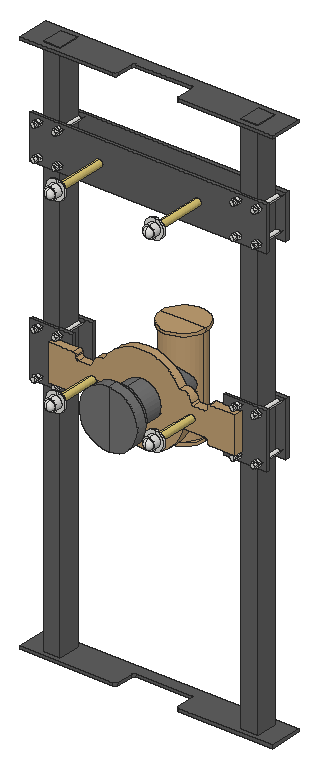
Revit family "0925Y", category Mechanical Equipment, Revit 2018
Family settings
  Round Connector Dimension = Use Diameter
  Classification = None
  Part Type = Normal
  OmniClass Number = 23.45.05.21
  OmniClass Title = Plumbing Fixtures - Sanitary Disposal Units
  Work Plane-Based = Yes
  Always vertical = No
  Cut with Voids When Loaded = No
  Shared = Yes
  Room Calculation Point = No
Parameters (values of type "0925Y")
  Vent Connection Size = Vent Connection Radius * 2  # 4"
  Vent Connection Radius = 2"
  URL = "https://www.jrsmith.com"
  Stud Height = 40"
  Product Page URL = "https://www.jrsmith.com/labor-saver-upright-0925"
  Product Documentation Link = "https://www.jrsmith.com/uploads/fileLibrary/d0925y.pdf"
  Price = "Prices may vary. Please consult Manufacturer Representative for most up-to-date price list."  # constant formula
  Outlet Connection Size = Outlet Connection Radius * 2  # 4"
  Outlet Connection Radius = 2"
  No-Hub Waste Fitting Size = [No-Hub Waste Fitting Radius] * 2  # 4"
  No-Hub Waste Fitting Radius = 2"
  Model = "0925Y"
  Material = "Metal-Jay R. Smith-Cast Iron"
  Manufacturer = "Jay R. Smith"
  Fitting Height = 22 45/64"
  Description = "LABOR SAVER® HEAVY DUTY FIXTURE SUPPORT FLOOR MOUNTED"
  Default Elevation = 0"
  Creation Date = "4/21/23"  # constant formula
  C Dimensions (3" Min to 4-1/2" Max) = 3"
  Base Depth from Finished Floor = 2"
Reference planes (in)
  plane 1 "Center (Front/Back)": y = 0
  plane 2: z = 0
  plane 3 "Center (Left/Right)": x = 0
  plane 4: z = 22.70312
  plane 5: z = 40
  plane 6: z = 48
  plane 7: y = 48
  plane 8: z = -2
  plane 9: y = 3
  plane 10: x = -9.75
  plane 11: x = 9.75
  plane 12: y = 4.00041
  plane 13: y = -2.0645
  plane 14: x = -4.5
  plane 15: x = 4.5
Forms (in)
  Extrusion 1, solid, material "Metal-Jay R. Smith-Cast Iron"
    sketch origin (0, -1.56488, 0) x (1, 0, 0) y (0, 0, 1)
      loop
        line (-9.75, 48) -> (-9.75, -2) -> (-8.25, -2) -> (-8.25, 48) -> (-9.75, 48)
      loop
        line (9.75, -2) -> (9.75, 48) -> (8.25, 48) -> (8.25, -2) -> (9.75, -2)
    from -6.56488 to -4.56488
  Extrusion 2, solid, material "Metal-Jay R. Smith-Cast Iron"
    sketch origin (0, 17.99329, -2) x (1, 0, 0) y (0, 1, 0)
      loop
        line (-11.5, -12.49329) -> (-11.5, -15.49329) -> (-3, -15.49329)
        arc (-3, -15.49329) -> (-2.82322, -15.42007) -> (-2.75, -15.24329) r 0.25
        line (-2.75, -15.24329) -> (-2.75, -13.74329)
        arc (-2.75, -13.74329) -> (-2.67678, -13.56651) -> (-2.5, -13.49329) r 0.25
        line (-2.5, -13.49329) -> (2.5, -13.49329)
        arc (2.5, -13.49329) -> (2.67678, -13.56651) -> (2.75, -13.74329) r 0.25
        line (2.75, -13.74329) -> (2.75, -15.24329)
        arc (2.75, -15.24329) -> (2.82322, -15.42007) -> (3, -15.49329) r 0.25
        line (3, -15.49329) -> (11.5, -15.49329) -> (11.5, -12.49329) -> (-11.5, -12.49329)
    from 0 to 0.25
  Extrusion 3, solid, material "Metal-Jay R. Smith-Cast Iron"
    sketch origin (0, 17.99329, 47.75) x (1, 0, 0) y (0, 1, 0)
      loop
        line (-11.5, -12.49329) -> (-11.5, -15.49329) -> (-3, -15.49329)
        arc (-3, -15.49329) -> (-2.82322, -15.42007) -> (-2.75, -15.24329) r 0.25
        line (-2.75, -15.24329) -> (-2.75, -13.74329)
        arc (-2.75, -13.74329) -> (-2.67678, -13.56651) -> (-2.5, -13.49329) r 0.25
        line (-2.5, -13.49329) -> (2.5, -13.49329)
        arc (2.5, -13.49329) -> (2.67678, -13.56651) -> (2.75, -13.74329) r 0.25
        line (2.75, -13.74329) -> (2.75, -15.24329)
        arc (2.75, -15.24329) -> (2.82322, -15.42007) -> (3, -15.49329) r 0.25
        line (3, -15.49329) -> (11.5, -15.49329) -> (11.5, -12.49329) -> (-11.5, -12.49329)
    from 0 to 0.25
  Extrusion 4, solid, material "Metal-Jay R. Smith-Cast Iron", not visible
    sketch origin (0, 0, -6.54248) x (1, 0, 0) y (0, 1, 0)
      loop
        line (-9.75, 48) -> (-9.75, -2) -> (-8.25, -2) -> (-8.25, 48) -> (-9.75, 48)
      loop
        line (9.75, -2) -> (9.75, 48) -> (8.25, 48) -> (8.25, -2) -> (9.75, -2)
    from -6.56488 to -4.56488
  Extrusion 5, solid, material "Metal-Jay R. Smith-Cast Iron", not visible
    sketch origin (0, -2, -26.10065) x (1, 0, 0) y (0, 0, -1)
      loop
        line (-11.5, -12.49329) -> (-11.5, -15.49329) -> (-3, -15.49329)
        arc (-3, -15.49329) -> (-2.82322, -15.42007) -> (-2.75, -15.24329) r 0.25
        line (-2.75, -15.24329) -> (-2.75, -13.74329)
        arc (-2.75, -13.74329) -> (-2.67678, -13.56651) -> (-2.5, -13.49329) r 0.25
        line (-2.5, -13.49329) -> (2.5, -13.49329)
        arc (2.5, -13.49329) -> (2.67678, -13.56651) -> (2.75, -13.74329) r 0.25
        line (2.75, -13.74329) -> (2.75, -15.24329)
        arc (2.75, -15.24329) -> (2.82322, -15.42007) -> (3, -15.49329) r 0.25
        line (3, -15.49329) -> (11.5, -15.49329) -> (11.5, -12.49329) -> (-11.5, -12.49329)
    from 0 to 0.25
  Extrusion 6, solid, material "Metal-Jay R. Smith-Cast Iron", not visible
    sketch origin (0, 47.75, -26.10065) x (1, 0, 0) y (0, 0, -1)
      loop
        line (-11.5, -12.49329) -> (-11.5, -15.49329) -> (-3, -15.49329)
        arc (-3, -15.49329) -> (-2.82322, -15.42007) -> (-2.75, -15.24329) r 0.25
        line (-2.75, -15.24329) -> (-2.75, -13.74329)
        arc (-2.75, -13.74329) -> (-2.67678, -13.56651) -> (-2.5, -13.49329) r 0.25
        line (-2.5, -13.49329) -> (2.5, -13.49329)
        arc (2.5, -13.49329) -> (2.67678, -13.56651) -> (2.75, -13.74329) r 0.25
        line (2.75, -13.74329) -> (2.75, -15.24329)
        arc (2.75, -15.24329) -> (2.82322, -15.42007) -> (3, -15.49329) r 0.25
        line (3, -15.49329) -> (11.5, -15.49329) -> (11.5, -12.49329) -> (-11.5, -12.49329)
    from 0 to 0.25
  Revolve 7, solid, material "Synthetic_Rubber-Jay R. Smith-Neoprene"
    sketch origin (0, 0, 0) x (0, 1, 0) y (0, 0, 1)
      loop
        line (6.74959, 22.70312) -> (-1.79408, 22.70312) -> (-1.79408, 20.06188) -> (-0.8771, 20.06188) -> (-0.8771, 20.43562) -> (-0.3143, 20.43562) -> (-0.3143, 20.99843) -> (6.74959, 20.99843) -> (6.74959, 22.70312)
      axis (6.74959, 22.70312) -> (-1.79408, 22.70312)
    angle from 0 to 360
  Revolve 8, solid, material "Metal-Jay R. Smith-Steel"
    sketch origin (-4.5, -0.56447, 10.25564) x (0, 0, 1) y (0, -1, 0)
      loop
        line (29.74436, -3.31447) -> (29.74436, 2.65657)
        arc (29.74436, 2.65657) -> (29.45715, 2.53761) -> (29.33819, 2.2504) r 0.40617
        line (29.33819, 2.2504) -> (29.20701, 2.2504) -> (29.20701, 1.6251) -> (28.86888, 1.6251) -> (28.86888, 1.50003) -> (29.43169, 1.50003) -> (29.43169, -3.31447) -> (29.74436, -3.31447)
      axis (29.74436, 2.65657) -> (29.74436, -3.31447)
    angle from 0 to 360
  Revolve 9, solid, material "Metal-Jay R. Smith-Steel"
    sketch origin (4.5, -0.56447, 10.25564) x (0, 0, 1) y (0, -1, 0)
      loop
        line (29.74436, -3.31447) -> (29.74436, 2.65657)
        arc (29.74436, 2.65657) -> (29.45715, 2.53761) -> (29.33819, 2.2504) r 0.40617
        line (29.33819, 2.2504) -> (29.20701, 2.2504) -> (29.20701, 1.6251) -> (28.86888, 1.6251) -> (28.86888, 1.50003) -> (29.43169, 1.50003) -> (29.43169, -3.31447) -> (29.74436, -3.31447)
      axis (29.74436, 2.65657) -> (29.74436, -3.31447)
    angle from 0 to 360
  Revolve 10, solid, material "Metal-Jay R. Smith-Steel"
    sketch origin (-4.5, -0.56447, -7.04123) x (0, 0, 1) y (0, -1, 0)
      loop
        line (29.74436, -4.31488) -> (29.74436, 2.65657)
        arc (29.74436, 2.65657) -> (29.45715, 2.53761) -> (29.33819, 2.2504) r 0.40617
        line (29.33819, 2.2504) -> (29.20701, 2.2504) -> (29.20701, 1.6251) -> (28.86888, 1.6251) -> (28.86888, 1.50003) -> (29.43169, 1.50003) -> (29.43169, -4.31488) -> (29.74436, -4.31488)
      axis (29.74436, 2.65657) -> (29.74436, -4.31488)
    angle from 0 to 360
  Revolve 11, solid, material "Metal-Jay R. Smith-Steel"
    sketch origin (4.5, -0.56447, -7.04123) x (0, 0, 1) y (0, -1, 0)
      loop
        line (29.74436, -4.31488) -> (29.74436, 2.65657)
        arc (29.74436, 2.65657) -> (29.45715, 2.53761) -> (29.33819, 2.2504) r 0.40617
        line (29.33819, 2.2504) -> (29.20701, 2.2504) -> (29.20701, 1.6251) -> (28.86888, 1.6251) -> (28.86888, 1.50003) -> (29.43169, 1.50003) -> (29.43169, -4.31488) -> (29.74436, -4.31488)
      axis (29.74436, 2.65657) -> (29.74436, -4.31488)
    angle from 0 to 360
Dimensions and locks (in)
  "Fitting Height": plane 4 to plane 2
  "Stud Height": plane 5 to plane 2
  "Base Depth from Finished Floor": plane 2 to plane 8
  "C Dimensions (3" Min to 4-1/2" Max)": plane 9 to plane 1 "Center (Front/Back)"
  locked: plane 12 to plane 9 at 1.00041
  plane 4 to Revolve 7 sketch curve to Revolve 7 sketch curve to Revolve 7 sketch curve = 1.7047" locked, 0.56281" locked, 0.37375" locked
  plane 1 "Center (Front/Back)" to Revolve 7 sketch curve to Revolve 7 sketch curve to Revolve 7 sketch curve = 0.3143" locked, 0.56281" locked, 0.91698" locked
  plane 5 to Revolve 8 sketch curve to Revolve 8 sketch curve to Revolve 8 sketch curve = 0.31267" locked, 0.22468" locked, 0.33813" locked
  plane 13 to Revolve 8 sketch curve to Revolve 8 sketch curve to Revolve 8 sketch curve to Revolve 8 sketch curve = 0.12507" locked, 0.62531" locked, 0" locked, 0.40617" locked
  Revolve 9 sketch curve to Revolve 9 sketch curve to Revolve 9 sketch curve = 0.22468" locked, 0.33813" locked
  Revolve 9 sketch curve to Revolve 9 sketch curve to Revolve 9 sketch curve to Revolve 9 sketch curve = 0.62531" locked, 0" locked, 0.40617" locked
  locked: plane 5 to Revolve 9 sketch curve at 0.31267
  locked: plane 13 to Revolve 9 sketch curve at 0.12507
  Revolve 10 sketch curve to Revolve 10 sketch curve to Revolve 10 sketch curve = 0.22468" locked, 0.33813" locked
  Revolve 10 sketch curve to Revolve 10 sketch curve to Revolve 10 sketch curve to Revolve 10 sketch curve = 0.62531" locked, 0" locked, 0.40617" locked
  Revolve 11 sketch curve to Revolve 11 sketch curve to Revolve 11 sketch curve = 0.22468" locked, 0.33813" locked
  Revolve 11 sketch curve to Revolve 11 sketch curve to Revolve 11 sketch curve to Revolve 11 sketch curve = 0.62531" locked, 0" locked, 0.40617" locked
  locked: plane 13 to Revolve 10 sketch curve at 0.12507
  locked: plane 4 to Revolve 10 sketch curve at 0.31267
  locked: plane 13 to Revolve 11 sketch curve at 0.12507
  locked: plane 4 to Revolve 11 sketch curve at 0.31267
  aligned and locked: plane 6 to Extrusion 1 sketch curve  (x2)
  aligned and locked: plane 7 to Extrusion 4 sketch curve  (x2)
  aligned and locked: Extrusion 2 to plane 8
  aligned and locked: plane 3 "Center (Left/Right)" to nested 1
  aligned and locked: plane 4 to nested 1
  aligned and locked: Extrusion 1 to nested 1
  aligned and locked: Extrusion 1 to plane 10
  aligned and locked: Extrusion 1 to plane 11
  aligned and locked: Extrusion 1 to nested 2
  aligned and locked: plane 5 to nested 2
  aligned and locked: plane 3 "Center (Left/Right)" to nested 2
  aligned and locked: plane 4 to Revolve 7 sketch curve
  aligned and locked: nested 1 to Revolve 7 sketch curve
  aligned and locked: Revolve 7 sketch curve to plane 4
  aligned and locked: Revolve 8 sketch curve to nested 2
  aligned and locked: plane 5 to Revolve 8 sketch curve
  aligned and locked: Revolve 8 sketch curve to plane 5
  aligned and locked: plane 14 to Revolve 8
  aligned and locked: plane 15 to Revolve 9
  aligned and locked: Revolve 9 sketch curve to plane 5  (x2)
  aligned and locked: nested 2 to Revolve 9 sketch curve
  aligned and locked: plane 14 to Revolve 10
  aligned and locked: plane 15 to Revolve 11
  aligned and locked: plane 4 to Revolve 10 sketch curve
  aligned and locked: Revolve 10 sketch curve to plane 4
  aligned and locked: plane 4 to Revolve 11 sketch curve
  aligned and locked: Revolve 11 sketch curve to plane 4
  aligned and locked: plane 9 to Extrusion 1
Automatic sketch dimensions
  Extrusion 1 sketch curve to Extrusion 1 sketch curve = 1 1/2"  (x2)
  Extrusion 2 sketch curve to Extrusion 2 sketch curve = 1/4"  (x5)
  Extrusion 2 sketch curve to Extrusion 2 sketch curve = 8 1/2"  (x2)
  Extrusion 2 sketch curve to Extrusion 2 sketch curve = 1 1/2"
  Extrusion 2 sketch curve to Extrusion 2 sketch curve = 3"
  Extrusion 3 sketch curve to Extrusion 3 sketch curve = 1/4"  (x5)
  Extrusion 3 sketch curve to Extrusion 3 sketch curve = 8 1/2"  (x2)
  Extrusion 3 sketch curve to Extrusion 3 sketch curve = 1 1/2"
  Extrusion 3 sketch curve to Extrusion 3 sketch curve = 3"
  plane 6 to Extrusion 1 sketch curve = 50"
  Extrusion 1 sketch curve to Extrusion 1 sketch curve = 16 1/2"
  Extrusion 1 sketch curve to Extrusion 1 sketch curve = 0"
  Extrusion 2 sketch curve to Extrusion 2 sketch curve = 5"
  Extrusion 3 sketch curve to Extrusion 3 sketch curve = 5"
  Extrusion 4 sketch curve to Extrusion 4 sketch curve = 1 1/2"  (x2)
  Extrusion 5 sketch curve to Extrusion 5 sketch curve = 1/4"  (x5)
  Extrusion 5 sketch curve to Extrusion 5 sketch curve = 8 1/2"  (x2)
  Extrusion 5 sketch curve to Extrusion 5 sketch curve = 1 1/2"
  Extrusion 5 sketch curve to Extrusion 5 sketch curve = 3"
  Extrusion 6 sketch curve to Extrusion 6 sketch curve = 1/4"  (x5)
  Extrusion 6 sketch curve to Extrusion 6 sketch curve = 8 1/2"  (x2)
  Extrusion 6 sketch curve to Extrusion 6 sketch curve = 1 1/2"
  Extrusion 6 sketch curve to Extrusion 6 sketch curve = 3"
  plane 7 to Extrusion 4 sketch curve = 50"
  Extrusion 4 sketch curve to Extrusion 4 sketch curve = 16 1/2"
  Extrusion 4 sketch curve to Extrusion 4 sketch curve = 0"
  Extrusion 5 sketch curve to Extrusion 5 sketch curve = 5"
  Extrusion 6 sketch curve to Extrusion 6 sketch curve = 5"
  Revolve 7 sketch curve to Revolve 7 sketch curve = 7 1/2"
  Revolve 7 sketch curve to Revolve 7 sketch curve = 1 3/4"
  Revolve 8 sketch curve to plane 13 = 0"
  Revolve 8 sketch curve to Revolve 8 sketch curve = 0.13118"
  Revolve 8 sketch curve to Revolve 8 sketch curve = 2 3/4"
  Revolve 9 sketch curve to plane 13 = 0"
  Revolve 9 sketch curve to Revolve 9 sketch curve = 0.13118"
  Revolve 9 sketch curve to Revolve 9 sketch curve = 2 3/4"
  Revolve 10 sketch curve to plane 13 = 0"
  Revolve 10 sketch curve to plane 12 = 1/4"
  Revolve 10 sketch curve to Revolve 10 sketch curve = 2 3/4"
  Revolve 11 sketch curve to plane 13 = 0"
  Revolve 11 sketch curve to plane 12 = 1/4"
  Revolve 11 sketch curve to Revolve 11 sketch curve = 2 3/4"
  plane 12 to Revolve 8 sketch curve = 5"
  plane 12 to Revolve 9 sketch curve = 8.24959"
  plane 12 to Revolve 10 sketch curve = 5"
  plane 12 to Revolve 11 sketch curve = 8.24959"
Nested families (in)
  nested 1: "Fitting" at (0, 6.74959, 22.70313), type "Fitting"
  nested 2: "0925Y Upper Plate" at (0, 3, 40), type "0925Y Upper Plate"
Connectors (in)
  piping at (0, -1.79408, 22.70312), diameter 4, driven by "No-Hub Waste Fitting Size"
    settings: on Revolve 7, index 1, connector inside diameter 24", connector length 0", flow factor 0, pipe flow 0 GPM, pressure drop 0.00 psi, fitting loss kfactor 0, connector angle 0.00°, fixture units 0, engagement length 0", angle of deflection 0.00°, flow configuration 0, flow direction 1, fitting loss method 0, system type 28, joint type 0, gender type 0, connector reference index -1, connector utility 0, adjustable connector no, is connector primary yes, connector description "4\" NO-HUB FITTING"
  piping at (0, 6.74959, 27.09737), diameter 4, driven by "Vent Connection Size"
    settings: on nested 1, index 2, connector inside diameter 24", connector length 0", flow factor 0, pipe flow 0 GPM, pressure drop 0.00 psi, fitting loss kfactor 0, connector angle 0.00°, fixture units 0, engagement length 0", angle of deflection 0.00°, flow configuration 0, flow direction 2, fitting loss method 0, system type 17, joint type 0, gender type 0, connector reference index -1, connector utility 0, adjustable connector no, is connector primary no, connector description "4\" VENT CONNECTION"
  piping at (0, 6.74959, 17.89652), diameter 4, driven by "Outlet Connection Size"
    settings: on nested 1, index 3, connector inside diameter 24", connector length 0", flow factor 0, pipe flow 0 GPM, pressure drop 0.00 psi, fitting loss kfactor 0, connector angle 0.00°, fixture units 0, engagement length 0", angle of deflection 0.00°, flow configuration 0, flow direction 2, fitting loss method 0, system type 28, joint type 0, gender type 0, connector reference index -1, connector utility 0, adjustable connector no, is connector primary no, connector description "4\" OUTLET"
Definition of nested family "Fitting"
  Reference planes (in)
    plane 1 "Center (Front/Back)": y = 0
    plane 2: z = 0
    plane 3 "Center (Left/Right)": x = 0
    plane 4: z = 0
  Forms (in)
    Extrusion 1, solid
      sketch origin (0, -8.31447, -22.75897) x (1, 0, 0) y (0, 0, 1)
        loop
          line (-10.75, 25.25) -> (-10.75, 20.25) -> (-6.875, 20.25) -> (-6.875, 25.25) -> (-10.75, 25.25)
        loop
          line (10.75, 25.25) -> (6.875, 25.25) -> (6.875, 20.25) -> (10.75, 20.25) -> (10.75, 25.25)
      from -4.56488 to -4.31488
    Extrusion 2, solid
      sketch origin (0, -8.31447, -29.79958) x (1, 0, 0) y (0, 0, 1)
        loop
          circle (-10.00001, 31.80686) r 0.1875
        loop
          circle (-8.12501, 31.80686) r 0.1875
        loop
          circle (-10.00001, 27.74436) r 0.1875
        loop
          circle (-8.12501, 27.74436) r 0.1875
        loop
          circle (10.00001, 31.80686) r 0.1875
        loop
          circle (8.12501, 31.80686) r 0.1875
        loop
          circle (10.00001, 27.74436) r 0.1875
        loop
          circle (8.12501, 27.74436) r 0.1875
      from -7.08506 to -3.70758
    Extrusion 3, solid
      sketch origin (0, -8.31447, -29.79958) x (1, 0, 0) y (0, 0, 1)
        loop
          line (-10.00001, 32.13162) -> (-10.28126, 31.96924) -> (-10.28126, 31.64448) -> (-10.00001, 31.4821) -> (-9.71876, 31.64448) -> (-9.71876, 31.96924) -> (-10.00001, 32.13162)
        loop
          line (-8.12501, 32.13162) -> (-8.40626, 31.96924) -> (-8.40626, 31.64448) -> (-8.12501, 31.4821) -> (-7.84376, 31.64448) -> (-7.84376, 31.96924) -> (-8.12501, 32.13162)
        loop
          line (-10.00001, 27.4196) -> (-9.71876, 27.58198) -> (-9.71876, 27.90674) -> (-10.00001, 28.06912) -> (-10.28126, 27.90674) -> (-10.28126, 27.58198) -> (-10.00001, 27.4196)
        loop
          line (-8.12501, 27.4196) -> (-7.84376, 27.58198) -> (-7.84376, 27.90674) -> (-8.12501, 28.06912) -> (-8.40626, 27.90674) -> (-8.40626, 27.58198) -> (-8.12501, 27.4196)
        loop
          line (10.00001, 32.13162) -> (9.71876, 31.96924) -> (9.71876, 31.64448) -> (10.00001, 31.4821) -> (10.28126, 31.64448) -> (10.28126, 31.96924) -> (10.00001, 32.13162)
        loop
          line (8.12501, 32.13162) -> (7.84376, 31.96924) -> (7.84376, 31.64448) -> (8.12501, 31.4821) -> (8.40626, 31.64448) -> (8.40626, 31.96924) -> (8.12501, 32.13162)
        loop
          line (10.00001, 27.4196) -> (10.28126, 27.58198) -> (10.28126, 27.90674) -> (10.00001, 28.06912) -> (9.71876, 27.90674) -> (9.71876, 27.58198) -> (10.00001, 27.4196)
        loop
          line (8.12501, 27.4196) -> (8.40626, 27.58198) -> (8.40626, 27.90674) -> (8.12501, 28.06912) -> (7.84376, 27.90674) -> (7.84376, 27.58198) -> (8.12501, 27.4196)
      from -4.31488 to -4.00238
    Extrusion 4, solid
      sketch origin (0, -8.31447, -22.75897) x (1, 0, 0) y (0, 0, 1)
        loop
          arc (-3.45117, 24.81678) -> (-4.15563, 24.57538) -> (-4.52858, 23.93083) r 1.06242
          arc (-4.52858, 23.93083) -> (-4.57112, 23.85612) -> (-4.65185, 23.82655) r 0.125
          line (-4.65185, 23.82655) -> (-5.74761, 23.82655)
          arc (-5.74761, 23.82655) -> (-5.92438, 23.89977) -> (-5.99761, 24.07655) r 0.25
          line (-5.99761, 24.07655) -> (-5.99761, 24.16881)
          arc (-5.99761, 24.16881) -> (-6.07083, 24.34558) -> (-6.24761, 24.41881) r 0.25
          line (-6.24761, 24.41881) -> (-8.46888, 24.41881) -> (-8.46888, 21.09913) -> (-6.24761, 21.09913)
          arc (-6.24761, 21.09913) -> (-6.07083, 21.17236) -> (-5.99761, 21.34913) r 0.25
          line (-5.99761, 21.34913) -> (-5.99761, 21.42175)
          arc (-5.99761, 21.42175) -> (-5.92499, 21.59962) -> (-5.74761, 21.67344) r 0.25
          line (-5.74761, 21.67344) -> (-3.87598, 21.67344)
          arc (-3.87598, 21.67344) -> (0.00001, 18.72728) -> (3.87599, 21.67344) r 4.02272
          line (3.87599, 21.67344) -> (5.76557, 21.67344)
          arc (5.76557, 21.67344) -> (5.94175, 21.60082) -> (6.01556, 21.42513) r 0.25
          line (6.01556, 21.42513) -> (6.01556, 21.34913)
          arc (6.01556, 21.34913) -> (6.08879, 21.17236) -> (6.26556, 21.09913) r 0.25
          line (6.26556, 21.09913) -> (8.48684, 21.09913) -> (8.48684, 24.41881) -> (6.26556, 24.41881)
          arc (6.26556, 24.41881) -> (6.08879, 24.34558) -> (6.01556, 24.16881) r 0.25
          line (6.01556, 24.16881) -> (6.01556, 24.07655)
          arc (6.01556, 24.07655) -> (5.94234, 23.89977) -> (5.76556, 23.82655) r 0.25
          line (5.76556, 23.82655) -> (4.66981, 23.82655)
          arc (4.66981, 23.82655) -> (4.58907, 23.85612) -> (4.54653, 23.93083) r 0.125
          arc (4.54653, 23.93083) -> (4.16678, 24.58094) -> (3.45157, 24.81614) r 1.06242
          arc (3.45157, 24.81614) -> (0.00038, 26.77271) -> (-3.45117, 24.81678) r 4.02272
      from -4.31488 to -3.56447
    Revolve 5, solid
      sketch origin (0, 0, -22.75897) x (1, 0, 0) y (0, 0, 1)
        loop
          line (0, 17.95237) -> (2.05415, 17.95237) -> (2.05415, 18.20914) -> (1.81878, 18.20914) -> (1.81878, 26.8911) -> (2.07555, 26.8911) -> (2.07555, 27.15322) -> (0, 27.15322) -> (0, 17.95237)
        axis (0, 17.95237) -> (0, 27.15322)
      angle from 0 to 360
    Extrusion 6, solid
      sketch origin (0, -6.06447, -22.75897) x (1, 0, 0) y (0, 0, 1)
        loop
          line (-10.75, 25.25) -> (-10.75, 20.25) -> (-6.875, 20.25) -> (-6.875, 25.25) -> (-10.75, 25.25)
        loop
          line (10.75, 25.25) -> (6.875, 25.25) -> (6.875, 20.25) -> (10.75, 20.25) -> (10.75, 25.25)
      from -4.56488 to -4.31488
    Extrusion 7, solid, not visible
      sketch origin (0, -22.75897, 8.31447) x (1, 0, 0) y (0, 1, 0)
        loop
          line (-10.75, 25.25) -> (-10.75, 20.25) -> (-6.875, 20.25) -> (-6.875, 25.25) -> (-10.75, 25.25)
        loop
          line (10.75, 25.25) -> (6.875, 25.25) -> (6.875, 20.25) -> (10.75, 20.25) -> (10.75, 25.25)
      from -4.56488 to -4.31488
    Extrusion 8, solid, not visible
      sketch origin (0, -29.79958, 8.31447) x (1, 0, 0) y (0, 1, 0)
        loop
          circle (-10.00001, 31.80686) r 0.1875
        loop
          circle (-8.12501, 31.80686) r 0.1875
        loop
          circle (-10.00001, 27.74436) r 0.1875
        loop
          circle (-8.12501, 27.74436) r 0.1875
        loop
          circle (10.00001, 31.80686) r 0.1875
        loop
          circle (8.12501, 31.80686) r 0.1875
        loop
          circle (10.00001, 27.74436) r 0.1875
        loop
          circle (8.12501, 27.74436) r 0.1875
      from -7.08506 to -3.70758
    Extrusion 9, solid, not visible
      sketch origin (0, -29.79958, 8.31447) x (1, 0, 0) y (0, 1, 0)
        loop
          line (-10.00001, 32.13162) -> (-10.28126, 31.96924) -> (-10.28126, 31.64448) -> (-10.00001, 31.4821) -> (-9.71876, 31.64448) -> (-9.71876, 31.96924) -> (-10.00001, 32.13162)
        loop
          line (-8.12501, 32.13162) -> (-8.40626, 31.96924) -> (-8.40626, 31.64448) -> (-8.12501, 31.4821) -> (-7.84376, 31.64448) -> (-7.84376, 31.96924) -> (-8.12501, 32.13162)
        loop
          line (-10.00001, 27.4196) -> (-9.71876, 27.58198) -> (-9.71876, 27.90674) -> (-10.00001, 28.06912) -> (-10.28126, 27.90674) -> (-10.28126, 27.58198) -> (-10.00001, 27.4196)
        loop
          line (-8.12501, 27.4196) -> (-7.84376, 27.58198) -> (-7.84376, 27.90674) -> (-8.12501, 28.06912) -> (-8.40626, 27.90674) -> (-8.40626, 27.58198) -> (-8.12501, 27.4196)
        loop
          line (10.00001, 32.13162) -> (9.71876, 31.96924) -> (9.71876, 31.64448) -> (10.00001, 31.4821) -> (10.28126, 31.64448) -> (10.28126, 31.96924) -> (10.00001, 32.13162)
        loop
          line (8.12501, 32.13162) -> (7.84376, 31.96924) -> (7.84376, 31.64448) -> (8.12501, 31.4821) -> (8.40626, 31.64448) -> (8.40626, 31.96924) -> (8.12501, 32.13162)
        loop
          line (10.00001, 27.4196) -> (10.28126, 27.58198) -> (10.28126, 27.90674) -> (10.00001, 28.06912) -> (9.71876, 27.90674) -> (9.71876, 27.58198) -> (10.00001, 27.4196)
        loop
          line (8.12501, 27.4196) -> (8.40626, 27.58198) -> (8.40626, 27.90674) -> (8.12501, 28.06912) -> (7.84376, 27.90674) -> (7.84376, 27.58198) -> (8.12501, 27.4196)
      from -4.31488 to -4.00238
    Extrusion 10, solid, not visible
      sketch origin (0, -22.75897, 8.31447) x (1, 0, 0) y (0, 1, 0)
        loop
          arc (-3.45117, 24.81678) -> (-4.15563, 24.57538) -> (-4.52858, 23.93083) r 1.06242
          arc (-4.52858, 23.93083) -> (-4.57112, 23.85612) -> (-4.65185, 23.82655) r 0.125
          line (-4.65185, 23.82655) -> (-5.74761, 23.82655)
          arc (-5.74761, 23.82655) -> (-5.92438, 23.89977) -> (-5.99761, 24.07655) r 0.25
          line (-5.99761, 24.07655) -> (-5.99761, 24.16881)
          arc (-5.99761, 24.16881) -> (-6.07083, 24.34558) -> (-6.24761, 24.41881) r 0.25
          line (-6.24761, 24.41881) -> (-8.46888, 24.41881) -> (-8.46888, 21.09913) -> (-6.24761, 21.09913)
          arc (-6.24761, 21.09913) -> (-6.07083, 21.17236) -> (-5.99761, 21.34913) r 0.25
          line (-5.99761, 21.34913) -> (-5.99761, 21.42175)
          arc (-5.99761, 21.42175) -> (-5.92499, 21.59962) -> (-5.74761, 21.67344) r 0.25
          line (-5.74761, 21.67344) -> (-3.87598, 21.67344)
          arc (-3.87598, 21.67344) -> (0.00001, 18.72728) -> (3.87599, 21.67344) r 4.02272
          line (3.87599, 21.67344) -> (5.76557, 21.67344)
          arc (5.76557, 21.67344) -> (5.94175, 21.60082) -> (6.01556, 21.42513) r 0.25
          line (6.01556, 21.42513) -> (6.01556, 21.34913)
          arc (6.01556, 21.34913) -> (6.08879, 21.17236) -> (6.26556, 21.09913) r 0.25
          line (6.26556, 21.09913) -> (8.48684, 21.09913) -> (8.48684, 24.41881) -> (6.26556, 24.41881)
          arc (6.26556, 24.41881) -> (6.08879, 24.34558) -> (6.01556, 24.16881) r 0.25
          line (6.01556, 24.16881) -> (6.01556, 24.07655)
          arc (6.01556, 24.07655) -> (5.94234, 23.89977) -> (5.76556, 23.82655) r 0.25
          line (5.76556, 23.82655) -> (4.66981, 23.82655)
          arc (4.66981, 23.82655) -> (4.58907, 23.85612) -> (4.54653, 23.93083) r 0.125
          arc (4.54653, 23.93083) -> (4.16678, 24.58094) -> (3.45157, 24.81614) r 1.06242
          arc (3.45157, 24.81614) -> (0.00038, 26.77271) -> (-3.45117, 24.81678) r 4.02272
      from -4.31488 to -3.56447
    Revolve 11, solid, not visible
      sketch origin (0, -22.75897, 0) x (1, 0, 0) y (0, 1, 0)
        loop
          line (0, 17.95237) -> (2.05415, 17.95237) -> (2.05415, 18.20914) -> (1.81878, 18.20914) -> (1.81878, 26.8911) -> (2.07555, 26.8911) -> (2.07555, 27.15322) -> (0, 27.15322) -> (0, 17.95237)
        axis (0, 17.95237) -> (0, 27.15322)
      angle from 0 to 360
    Extrusion 12, solid, not visible
      sketch origin (0, -22.75897, 6.06447) x (1, 0, 0) y (0, 1, 0)
        loop
          line (-10.75, 25.25) -> (-10.75, 20.25) -> (-6.875, 20.25) -> (-6.875, 25.25) -> (-10.75, 25.25)
        loop
          line (10.75, 25.25) -> (6.875, 25.25) -> (6.875, 20.25) -> (10.75, 20.25) -> (10.75, 25.25)
      from -4.56488 to -4.31488
  Dimensions and locks (in)
    aligned and locked: plane 2 to level
Definition of nested family "0925Y Upper Plate"
  Reference planes (in)
    plane 1 "Center (Front/Back)": y = 0
    plane 2: z = 0
    plane 3 "Center (Left/Right)": x = 0
    plane 4: z = 0
  Forms (in)
    Extrusion 1, solid, not visible
      sketch origin (0, -22.75897, 8.31447) x (1, 0, 0) y (0, 1, 0)
        loop
          line (-10.75, 25.25) -> (-10.75, 20.25) -> (-6.875, 20.25) -> (-6.875, 25.25) -> (-10.75, 25.25)
        loop
          line (10.75, 25.25) -> (6.875, 25.25) -> (6.875, 20.25) -> (10.75, 20.25) -> (10.75, 25.25)
      from -4.56488 to -4.31488
    Extrusion 2, solid, not visible
      sketch origin (0, -29.79958, 8.31447) x (1, 0, 0) y (0, 1, 0)
        loop
          circle (-10.00001, 31.80686) r 0.1875
        loop
          circle (-8.12501, 31.80686) r 0.1875
        loop
          circle (-10.00001, 27.74436) r 0.1875
        loop
          circle (-8.12501, 27.74436) r 0.1875
        loop
          circle (10.00001, 31.80686) r 0.1875
        loop
          circle (8.12501, 31.80686) r 0.1875
        loop
          circle (10.00001, 27.74436) r 0.1875
        loop
          circle (8.12501, 27.74436) r 0.1875
      from -7.08506 to -3.70758
    Extrusion 3, solid, not visible
      sketch origin (0, -29.79958, 8.31447) x (1, 0, 0) y (0, 1, 0)
        loop
          line (-10.00001, 32.13162) -> (-10.28126, 31.96924) -> (-10.28126, 31.64448) -> (-10.00001, 31.4821) -> (-9.71876, 31.64448) -> (-9.71876, 31.96924) -> (-10.00001, 32.13162)
        loop
          line (-8.12501, 32.13162) -> (-8.40626, 31.96924) -> (-8.40626, 31.64448) -> (-8.12501, 31.4821) -> (-7.84376, 31.64448) -> (-7.84376, 31.96924) -> (-8.12501, 32.13162)
        loop
          line (-10.00001, 27.4196) -> (-9.71876, 27.58198) -> (-9.71876, 27.90674) -> (-10.00001, 28.06912) -> (-10.28126, 27.90674) -> (-10.28126, 27.58198) -> (-10.00001, 27.4196)
        loop
          line (-8.12501, 27.4196) -> (-7.84376, 27.58198) -> (-7.84376, 27.90674) -> (-8.12501, 28.06912) -> (-8.40626, 27.90674) -> (-8.40626, 27.58198) -> (-8.12501, 27.4196)
        loop
          line (10.00001, 32.13162) -> (9.71876, 31.96924) -> (9.71876, 31.64448) -> (10.00001, 31.4821) -> (10.28126, 31.64448) -> (10.28126, 31.96924) -> (10.00001, 32.13162)
        loop
          line (8.12501, 32.13162) -> (7.84376, 31.96924) -> (7.84376, 31.64448) -> (8.12501, 31.4821) -> (8.40626, 31.64448) -> (8.40626, 31.96924) -> (8.12501, 32.13162)
        loop
          line (10.00001, 27.4196) -> (10.28126, 27.58198) -> (10.28126, 27.90674) -> (10.00001, 28.06912) -> (9.71876, 27.90674) -> (9.71876, 27.58198) -> (10.00001, 27.4196)
        loop
          line (8.12501, 27.4196) -> (8.40626, 27.58198) -> (8.40626, 27.90674) -> (8.12501, 28.06912) -> (7.84376, 27.90674) -> (7.84376, 27.58198) -> (8.12501, 27.4196)
      from -4.31488 to -4.00238
    Extrusion 4, solid, not visible
      sketch origin (0, -22.75897, 8.31447) x (1, 0, 0) y (0, 1, 0)
        loop
          arc (-3.45117, 24.81678) -> (-4.15563, 24.57538) -> (-4.52858, 23.93083) r 1.06242
          arc (-4.52858, 23.93083) -> (-4.57112, 23.85612) -> (-4.65185, 23.82655) r 0.125
          line (-4.65185, 23.82655) -> (-5.74761, 23.82655)
          arc (-5.74761, 23.82655) -> (-5.92438, 23.89977) -> (-5.99761, 24.07655) r 0.25
          line (-5.99761, 24.07655) -> (-5.99761, 24.16881)
          arc (-5.99761, 24.16881) -> (-6.07083, 24.34558) -> (-6.24761, 24.41881) r 0.25
          line (-6.24761, 24.41881) -> (-8.46888, 24.41881) -> (-8.46888, 21.09913) -> (-6.24761, 21.09913)
          arc (-6.24761, 21.09913) -> (-6.07083, 21.17236) -> (-5.99761, 21.34913) r 0.25
          line (-5.99761, 21.34913) -> (-5.99761, 21.42175)
          arc (-5.99761, 21.42175) -> (-5.92499, 21.59962) -> (-5.74761, 21.67344) r 0.25
          line (-5.74761, 21.67344) -> (-3.87598, 21.67344)
          arc (-3.87598, 21.67344) -> (0.00001, 18.72728) -> (3.87599, 21.67344) r 4.02272
          line (3.87599, 21.67344) -> (5.76557, 21.67344)
          arc (5.76557, 21.67344) -> (5.94175, 21.60082) -> (6.01556, 21.42513) r 0.25
          line (6.01556, 21.42513) -> (6.01556, 21.34913)
          arc (6.01556, 21.34913) -> (6.08879, 21.17236) -> (6.26556, 21.09913) r 0.25
          line (6.26556, 21.09913) -> (8.48684, 21.09913) -> (8.48684, 24.41881) -> (6.26556, 24.41881)
          arc (6.26556, 24.41881) -> (6.08879, 24.34558) -> (6.01556, 24.16881) r 0.25
          line (6.01556, 24.16881) -> (6.01556, 24.07655)
          arc (6.01556, 24.07655) -> (5.94234, 23.89977) -> (5.76556, 23.82655) r 0.25
          line (5.76556, 23.82655) -> (4.66981, 23.82655)
          arc (4.66981, 23.82655) -> (4.58907, 23.85612) -> (4.54653, 23.93083) r 0.125
          arc (4.54653, 23.93083) -> (4.16678, 24.58094) -> (3.45157, 24.81614) r 1.06242
          arc (3.45157, 24.81614) -> (0.00038, 26.77271) -> (-3.45117, 24.81678) r 4.02272
      from -4.31488 to -3.56447
    Revolve 5, solid, not visible
      sketch origin (0, -22.75897, 0) x (1, 0, 0) y (0, 1, 0)
        loop
          line (0, 17.95237) -> (2.05415, 17.95237) -> (2.05415, 18.20914) -> (1.81878, 18.20914) -> (1.81878, 26.8911) -> (2.07555, 26.8911) -> (2.07555, 27.15322) -> (0, 27.15322) -> (0, 17.95237)
        axis (0, 17.95237) -> (0, 27.15322)
      angle from 0 to 360
    Extrusion 6, solid, not visible
      sketch origin (0, -22.75897, 6.06447) x (1, 0, 0) y (0, 1, 0)
        loop
          line (-10.75, 25.25) -> (-10.75, 20.25) -> (-6.875, 20.25) -> (-6.875, 25.25) -> (-10.75, 25.25)
        loop
          line (10.75, 25.25) -> (6.875, 25.25) -> (6.875, 20.25) -> (10.75, 20.25) -> (10.75, 25.25)
      from -4.56488 to -4.31488
  Dimensions and locks (in)
    aligned and locked: plane 2 to level
  Nested families (in)
    nested 1: "0925Y Upper Plate" at (0, -4.56488, 0) x (1, 0, 0) z (0, -1, 0), type "0925Y"
  Definition of nested family "0925Y Upper Plate"
    Parameters (values of type "0925Y")
      Vent Connection Size = Vent Connection Radius * 2  # 4"
      Vent Connection Radius = 2"
      Stud Height = 40"
      Outlet Connection Size = 4"
      Outlet Connection Radius = Outlet Connection Size / 2  # 2"
      No-Hub Waste Fitting Size = 4"
      Fitting Height = 22.70375"
      C Dimension (3" Min to 4-1/2" Max) = 3"
      WFU = 0
      URL = "https://www.jrsmith.com"
      Product Page URL = "https://www.jrsmith.com/labor-saver-upright-0925"
      Product Documentation Link = "https://www.jrsmith.com/uploads/fileLibrary/d0925y.pdf"
      No-Hub Waste Fitting Radius = [No-Hub Waste Fitting Size] / 2  # 2"
      Model = "0925Y"
      Material = "Metal-Jay R. Smith-Cast Iron"  # constant formula
      Manufacturer = "Jay R. Smith"  # constant formula
      HWFU = 0
      Description = "No-Hub Wall Mounted Labor Saver® Upright with Supporting Stud and Adjustable Coupling for Surgical Scrub Up and Flushing Rim Sink"  # constant formula
      Default Elevation = 0"
      Creation Date = "2/27/20"  # constant formula
      CWFU = 0
      Base Depth from Finished Floor = 2"
    Reference planes (in)
      plane 1 "Center (Front/Back)": y = 0
      plane 2: z = 0
      plane 3 "Center (Left/Right)": x = 0
      plane 4: z = -3
      plane 5: z = -4.56488
      plane 6: z = -6.56488
      plane 7: z = 1.50003
      plane 8: z = -6.81488
      plane 9: z = -7.08506
      plane 10: z = -4.31488
      plane 11: z = -4.00238
      plane 12: z = -3.70758
      plane 13: z = -3.56447
      plane 14: z = -8.31447
      plane 15: z = -5.56488
      plane 16: y = -1.75
    Forms (in)
      Extrusion 1, solid
        sketch origin (0, 0, 0) x (1, 0, 0) y (0, 1, 0)
          loop
            line (-48, 48) -> (-48, -48) -> (48, -48) -> (48, 48) -> (-48, 48)
        from 0 to -12
      Extrusion 2, solid
        sketch origin (0, -40, 0) x (1, 0, 0) y (0, 1, 0)
          loop
            line (-10.75001, 42) -> (-10.75001, 38) -> (10.74999, 38) -> (10.74999, 42) -> (-10.75001, 42)
        from -4.56488 to -4.31488
      Extrusion 3, solid
        sketch origin (0, -40, -2.25) x (1, 0, 0) y (0, 1, 0)
          loop
            line (-10.75001, 42) -> (-10.75001, 38) -> (10.74999, 38) -> (10.74999, 42) -> (-10.75001, 42)
        from -4.56488 to -4.31488
      Extrusion 4, solid
        sketch origin (0, -40, 0) x (1, 0, 0) y (0, 1, 0)
          loop
            circle (-10.00001, 41.4375) r 0.1875
          loop
            circle (-8.12501, 41.4375) r 0.1875
          loop
            circle (-10.00001, 38.5625) r 0.1875
          loop
            circle (-8.12501, 38.5625) r 0.1875
          loop
            circle (10.00001, 41.4375) r 0.1875
          loop
            circle (8.12501, 41.4375) r 0.1875
          loop
            circle (10.00001, 38.5625) r 0.1875
          loop
            circle (8.12501, 38.5625) r 0.1875
        from -7.08506 to -3.70758
      Extrusion 5, solid
        sketch origin (0, -40, 0) x (1, 0, 0) y (0, 1, 0)
          loop
            line (-10.00001, 41.76226) -> (-10.28126, 41.59988) -> (-10.28126, 41.27512) -> (-10.00001, 41.11274) -> (-9.71876, 41.27512) -> (-9.71876, 41.59988) -> (-10.00001, 41.76226)
          loop
            line (-8.12501, 41.76226) -> (-8.40626, 41.59988) -> (-8.40626, 41.27512) -> (-8.12501, 41.11274) -> (-7.84376, 41.27512) -> (-7.84376, 41.59988) -> (-8.12501, 41.76226)
          loop
            line (-10.00001, 38.23774) -> (-9.71876, 38.40012) -> (-9.71876, 38.72488) -> (-10.00001, 38.88726) -> (-10.28126, 38.72488) -> (-10.28126, 38.40012) -> (-10.00001, 38.23774)
          loop
            line (-8.12501, 38.23774) -> (-7.84376, 38.40012) -> (-7.84376, 38.72488) -> (-8.12501, 38.88726) -> (-8.40626, 38.72488) -> (-8.40626, 38.40012) -> (-8.12501, 38.23774)
          loop
            line (10.00001, 41.76226) -> (9.71876, 41.59988) -> (9.71876, 41.27512) -> (10.00001, 41.11274) -> (10.28126, 41.27512) -> (10.28126, 41.59988) -> (10.00001, 41.76226)
          loop
            line (8.12501, 41.76226) -> (7.84376, 41.59988) -> (7.84376, 41.27512) -> (8.12501, 41.11274) -> (8.40626, 41.27512) -> (8.40626, 41.59988) -> (8.12501, 41.76226)
          loop
            line (10.00001, 38.23774) -> (10.28126, 38.40012) -> (10.28126, 38.72488) -> (10.00001, 38.88726) -> (9.71876, 38.72488) -> (9.71876, 38.40012) -> (10.00001, 38.23774)
          loop
            line (8.12501, 38.23774) -> (8.40626, 38.40012) -> (8.40626, 38.72488) -> (8.12501, 38.88726) -> (7.84376, 38.72488) -> (7.84376, 38.40012) -> (8.12501, 38.23774)
        from -4.31488 to -4.00238
    Dimensions and locks (in)
      "C Dimension (3" Min to 4-1/2" Max)": plane 2 to plane 4
      locked: plane 4 to plane 5 at 1.56488
      locked: plane 6 to plane 5 at 2
      plane 9 to plane 8 to plane 6 = 0.27018" locked, 1/4" locked
      plane 5 to plane 10 to plane 11 to plane 12 = 1/4" locked, 5/16" locked, 0.2948" locked
      locked: plane 13 to plane 5 at 1.00041
      locked: plane 13 to plane 14 at 4.75
      locked: plane 15 to plane 5 at 1
      aligned and locked: plane 2 to Extrusion 1
      aligned and locked: level to Extrusion 1
      aligned and locked: plane 5 to Extrusion 2
      aligned and locked: Extrusion 3 to plane 6
      aligned and locked: Extrusion 2 to plane 10
      aligned and locked: Extrusion 5 to plane 11
      aligned and locked: plane 10 to Extrusion 5
      aligned and locked: Extrusion 4 to plane 12
      aligned and locked: plane 9 to Extrusion 4
    Automatic sketch dimensions
      Extrusion 1 sketch curve to Extrusion 1 sketch curve = 96"  (x2)
      Extrusion 4 sketch curve to Extrusion 4 sketch curve = 0"  (x2)
      Extrusion 4 sketch curve to Extrusion 4 sketch curve = 1 7/8"  (x4)
      Extrusion 5 sketch curve to Extrusion 5 sketch curve = 0"  (x2)
      Extrusion 5 sketch curve to Extrusion 5 sketch curve = 9/32"  (x24)
      Extrusion 5 sketch curve to Extrusion 5 sketch curve = 1 5/16"  (x4)
      Extrusion 5 sketch curve to Extrusion 5 sketch curve = 0.16238"  (x19)
      Extrusion 5 sketch curve to Extrusion 5 sketch curve = 0.32476"  (x16)
      plane 3 "Center (Left/Right)" to Extrusion 2 sketch curve = 10 3/4"
      plane 3 "Center (Left/Right)" to Extrusion 3 sketch curve = 10 3/4"
      plane 3 "Center (Left/Right)" to Extrusion 4 sketch curve = 8 1/8"
      plane 3 "Center (Left/Right)" to Extrusion 5 sketch curve = 7 27/32"
      Extrusion 2 sketch curve to plane 3 "Center (Left/Right)" = 10 3/4"
      Extrusion 3 sketch curve to plane 3 "Center (Left/Right)" = 10 3/4"
      Extrusion 4 sketch curve to plane 3 "Center (Left/Right)" = 8 1/8"
      Extrusion 5 sketch curve to plane 3 "Center (Left/Right)" = 7 27/32"
      Extrusion 2 sketch curve to plane 1 "Center (Front/Back)" = 2"
      Extrusion 3 sketch curve to plane 1 "Center (Front/Back)" = 2"
      plane 16 to Extrusion 4 sketch curve = 5/16"  (x4)
      Extrusion 4 sketch curve to plane 1 "Center (Front/Back)" = 1 7/16"  (x4)
      Extrusion 5 sketch curve to plane 16 = 0.01226"  (x4)
      plane 16 to Extrusion 5 sketch curve = 0.15012"  (x5)
      Extrusion 5 sketch curve to plane 1 "Center (Front/Back)" = 1.11274"  (x4)
      Extrusion 2 sketch curve to plane 16 = 1/4"
      Extrusion 3 sketch curve to plane 16 = 1/4"
      radius of Extrusion 4 sketch curve = 3/16"  (x8)
